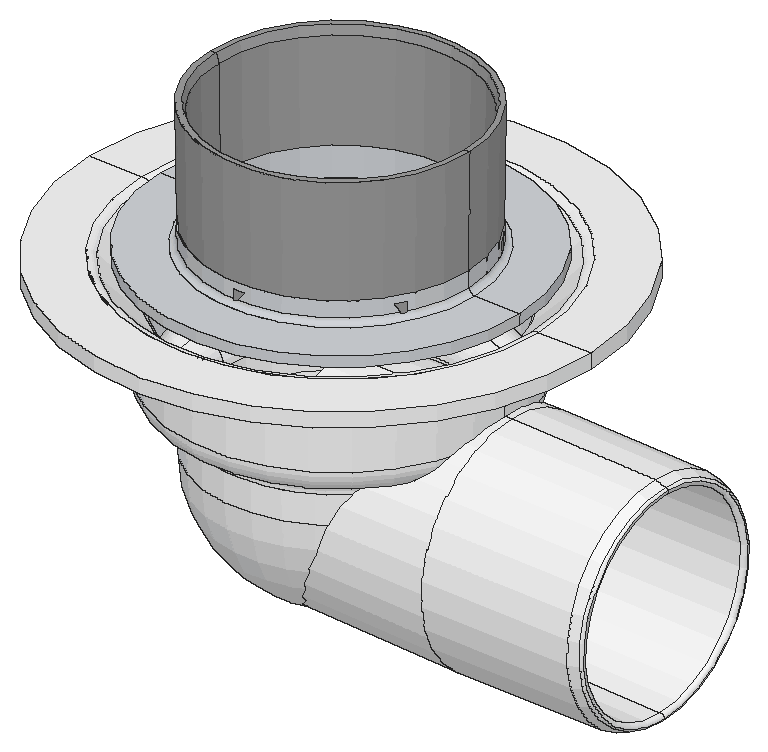
Revit family "3100.117.4-118.4 Down Pipe Junction 80x80 SE", category Plumbing Fixtures, Revit 2020
Family settings
  Round Connector Dimension = Use Diameter
  Part Type = Normal
  OmniClass Number = 23.45.00.00
  OmniClass Title = Sanitary, Laundry, and Cleaning Equipment
  Work Plane-Based = No
  Always vertical = Yes
  Cut with Voids When Loaded = No
  Shared = No
  Room Calculation Point = No
Parameters (values of type "3100.118.4 80x80 Non-Vented")
  Waste Connection = yes
  Vented = no
  Vent Connection = yes
  URL = "www.aquaknight.co.nz"
  Phone = "+6498322214"  # constant formula
  Overflow = no
  Non-Vented = yes
  Model = "3100.118.4"
  Manufacturer = "Aquanight Industries Ltd"  # constant formula
  HW Connection = no
  Email = "info@aquaknight.co.nz"  # constant formula
  Description = "Down-Pipe Junction 80mm Inlet w 80mm Outlet Non-Vented Side Exit Small Flange"
  Default Elevation = 0 mm
  CW Connection = no
Types (2, lengths in mm): name | Vented | Non-Vented | Model | Description
  3100.118.4 80x80 Non-Vented | no | yes | "3100.118.4" | "Down-Pipe Junction 80mm Inlet w 80mm Outlet Non-Vented Side Exit Small Flange"
  3100.117.4 80x80 Vented | yes | no | "3100.117.4" | "Down-Pipe Junction 80mm Inlet w 80mm Outlet Vented Side Exit Small Flange"
Reference planes
  plane 1 "Center (Front/Back)": y = 0
  plane 2: z = 0
  plane 3 "Center (Left/Right)": x = 0
  plane 4: through (112.246, -1524, -68.937) normal (-0.0175, 0, -0.9998)
  plane 5: through (83.254, -1524, -20.137) normal (0.9998, 0, -0.0175)
  plane 6: z = 22.896
Forms (mm)
  Revolve 1, solid, material "Plastic, Glossy White"
    sketch origin (0, 0, -5.618) x (1, 0, 0) y (0, 0, 1)
      loop
        arc (-48.731, -38.735) -> (-45.64, -40.373) -> (-44.364, -43.624) r 5
        line (-44.364, -43.624) -> (-44.193, -53.387)
        arc (-44.193, -53.387) -> (-31.068, -84.689) -> (0, -98.359) r 45.799
        line (0, -98.359) -> (0, -93.413)
        arc (0, -93.413) -> (-28.266, -80.976) -> (-40.208, -52.497) r 41.669
        line (-40.208, -52.497) -> (-40.364, -43.554)
        arc (-40.364, -43.554) -> (-42.554, -37.825) -> (-47.906, -34.829) r 9
        arc (-47.906, -34.829) -> (-50.879, -33.165) -> (-52.096, -29.982) r 5
        line (-52.096, -29.982) -> (-52.437, -10.422)
        arc (-52.437, -10.422) -> (-52.755, -8.929) -> (-53.608, -7.663) r 4
        line (-53.608, -7.663) -> (-65.718, 4.447)
        arc (-65.718, 4.447) -> (-67.016, 5.314) -> (-68.547, 5.618) r 4
        line (-68.547, 5.618) -> (-86.49, 5.618) -> (-86.49, 0.618) -> (-70.618, 0.618)
        arc (-70.618, 0.618) -> (-69.087, 0.314) -> (-67.789, -0.553) r 4
        line (-67.789, -0.553) -> (-58.063, -10.28)
        arc (-58.063, -10.28) -> (-57.209, -11.545) -> (-56.892, -13.038) r 4
        line (-56.892, -13.038) -> (-56.596, -29.964)
        arc (-56.596, -29.964) -> (-54.298, -35.815) -> (-48.731, -38.735) r 9
      axis (0, 5.618) -> (0, -98.359)
    angle from 0 to 360
  Revolve 2, solid, material "Stainless Steel"
    sketch origin (0, 0, 0) x (1, 0, 0) y (0, 0, 1)
      loop
        line (-44.143, 8.144) -> (-44.567, -4) -> (-41.65, -4) -> (-38.201, -7.448) -> (-37.353, -7.448) -> (-37.353, -6.6) -> (-37.664, -3.036) -> (-41.446, 0.746) -> (-42.015, 44.267) -> (-42.819, 47.267) -> (-44.655, 47.267) -> (-44.143, 8.144)
      axis (0, 47.267) -> (0, -7.448)
    angle from 0 to 360
  Revolve 3, solid, material "Plastic, Glossy White"
    sketch origin (0, 0, 0) x (1, 0, 0) y (0, 0, 1)
      loop
        line (0, -103.977) -> (57.594, -105.988) -> (107.363, -106.396) -> (110.736, -105.235)
        arc (110.736, -105.235) -> (111.269, -104.914) -> (111.627, -104.405) r 1.5
        arc (111.627, -104.405) -> (111.215, -103.346) -> (110.18, -102.879) r 1.5
        line (110.18, -102.879) -> (0, -99.032) -> (0, -103.977)
      axis (112.246, -68.937) -> (0.559, -66.987)
    angle from 0 to 360
  Extrusion 4, void
    sketch origin (0, 0, 4) x (0, 1, 0) y (-1, 0, 0)
      loop
        arc (27.457, 35.216) -> (28.161, 37.455) -> (29.575, 39.328) r 6.9
        arc (29.575, 39.328) -> (30.821, 42.62) -> (28.984, 45.622) r 4
        arc (28.984, 45.622) -> (3.461, 53.939) -> (-22.915, 48.952) r 54.05
        arc (-22.915, 48.952) -> (-23.997, 48.094) -> (-24.581, 46.842) r 3
        arc (-24.581, 46.842) -> (-22.311, 44.902) -> (-21.222, 42.121) r 6.15
        arc (-21.222, 42.121) -> (-20.256, 40.695) -> (-18.534, 40.627) r 1.911
        arc (-18.534, 40.627) -> (-9.484, 43.636) -> (0, 44.655) r 44.655
        arc (0, 44.655) -> (14.517, 42.229) -> (27.457, 35.216) r 44.655
      loop
        arc (35.216, -27.457) -> (37.455, -28.161) -> (39.328, -29.575) r 6.9
        arc (39.328, -29.575) -> (42.62, -30.821) -> (45.622, -28.984) r 4
        arc (45.622, -28.984) -> (53.939, -3.461) -> (48.952, 22.915) r 54.05
        arc (48.952, 22.915) -> (48.094, 23.997) -> (46.842, 24.581) r 3
        arc (46.842, 24.581) -> (44.902, 22.311) -> (42.121, 21.222) r 6.15
        arc (42.121, 21.222) -> (40.695, 20.256) -> (40.627, 18.534) r 1.911
        arc (40.627, 18.534) -> (43.636, 9.484) -> (44.655, 0) r 44.655
        arc (44.655, 0) -> (42.229, -14.517) -> (35.216, -27.457) r 44.655
      loop
        arc (-27.457, -35.216) -> (-28.161, -37.455) -> (-29.575, -39.328) r 6.9
        arc (-29.575, -39.328) -> (-30.821, -42.62) -> (-28.984, -45.622) r 4
        arc (-28.984, -45.622) -> (-3.461, -53.939) -> (22.915, -48.952) r 54.05
        arc (22.915, -48.952) -> (23.997, -48.094) -> (24.581, -46.842) r 3
        arc (24.581, -46.842) -> (22.311, -44.902) -> (21.222, -42.121) r 6.15
        arc (21.222, -42.121) -> (20.256, -40.695) -> (18.534, -40.627) r 1.911
        arc (18.534, -40.627) -> (9.484, -43.636) -> (0, -44.655) r 44.655
        arc (0, -44.655) -> (-14.517, -42.229) -> (-27.457, -35.216) r 44.655
      loop
        arc (-35.216, 27.457) -> (-37.455, 28.161) -> (-39.328, 29.575) r 6.9
        arc (-39.328, 29.575) -> (-42.62, 30.821) -> (-45.622, 28.984) r 4
        arc (-45.622, 28.984) -> (-53.939, 3.461) -> (-48.952, -22.915) r 54.05
        arc (-48.952, -22.915) -> (-48.094, -23.997) -> (-46.842, -24.581) r 3
        arc (-46.842, -24.581) -> (-44.902, -22.311) -> (-42.121, -21.222) r 6.15
        arc (-42.121, -21.222) -> (-40.695, -20.256) -> (-40.627, -18.534) r 1.911
        arc (-40.627, -18.534) -> (-43.636, -9.484) -> (-44.655, 0) r 44.655
        arc (-44.655, 0) -> (-42.229, 14.517) -> (-35.216, 27.457) r 44.655
    from -17.485 to 4.144
  Revolve 5, solid, visible <- "Vented"
    sketch origin (0, 0, 0) x (1, 0, 0) y (0, 0, 1)
      loop
        line (-56.036, -7) -> (-38.65, -7) -> (-41.65, -4) -> (-55.55, -4) -> (-55.55, 0) -> (-61.825, 0) -> (-61.825, -1.21) -> (-56.036, -7)
      axis (0, 0) -> (0, -7)
    angle from 0 to 360
  Revolve 6, solid, visible <- "Non-Vented"
    sketch origin (0, 0, 0) x (1, 0, 0) y (0, 0, 1)
      loop
        arc (-44.378, 5.413) -> (-44.982, 4.056) -> (-46.358, 3.5) r 1.982
        line (-46.358, 3.5) -> (-62, 3.5) -> (-62, 0) -> (-41.436, 0) -> (-41.573, 10.5) -> (-44.2, 10.5) -> (-44.378, 5.413)
      axis (0, 10.5) -> (0, 0)
    angle from 0 to 360
Cuts and joins
  Extrusion 4 cuts Revolve 2
  Extrusion 4 cuts Revolve 5
Lines and regions (mm)
  Masking region 1
    outline origin (0, 0, 4) x (0, 1, 0) y (-1, 0, 0)
      loop
        circle (0, 0) r 86.49
  model lines, detail levels fine
    curve 1: circle (-56.444, -56.602, 0) r 3.967 normal (0, 0, 1)
    curve 2: circle (56.444, -56.602, 0) r 3.967 normal (0, 0, -1)
    curve 3: circle (-56.444, 56.602, 0) r 3.967 normal (0, 0, -1)
    curve 4: circle (56.444, 56.602, 0) r 3.967 normal (0, 0, 1)
  symbolic lines, visible <- "Vented", detail levels medium+fine
    curve 5: circle (0, 0, 4) r 55 normal (0, 0, 1)
  symbolic lines, detail levels fine
    curve 6: circle (-56.444, 56.602, 4) r 3.967 normal (0, 0, -1)
    curve 7: circle (-56.444, -56.602, 4) r 3.967 normal (0, 0, 1)
    curve 8: circle (56.444, -56.602, 4) r 3.967 normal (0, 0, -1)
    curve 9: circle (56.444, 56.602, 4) r 3.967 normal (0, 0, 1)
  symbolic lines, detail levels medium+fine
    curve 10: circle (0, 0, 4) r 41.573 normal (0, 0, 1)
    curve 11: circle (0, 0, 4) r 37.353 normal (0, 0, 1)
    curve 12: circle (0, 0, 4) r 62 normal (0, 0, 1)
Dimensions and locks
  locked: connector elem to plane 4
  locked: connector elem to plane 1 "Center (Front/Back)"
  plane 6 to level = 22.896 mm
  aligned and locked: level to plane 2
  aligned and locked: Revolve 3 sketch curve to plane 3 "Center (Left/Right)"
  aligned and locked: Revolve 3 sketch curve to plane 4
  aligned and locked: Extrusion 4 sketch curve to Revolve 2  (x2)
  aligned and locked: Revolve 1 to Revolve 6 sketch curve
Connectors
  piping at (82.412, 0, -68.416), diameter 80
    settings: on plane 5, index 1, connector inside diameter 609.6 mm, connector length 0 mm, flow factor 0, pipe flow 0.0 L/s, pressure drop 0.0 Pa, fitting loss kfactor 0, connector angle 0.00°, fixture units 0, engagement length 0 mm, angle of deflection 0.00°, flow configuration 0, flow direction 0, fitting loss method 0, system type 28, joint type 0, gender type 0, connector reference index -1, connector utility 0, adjustable connector no, is connector primary yes, connector description ""
